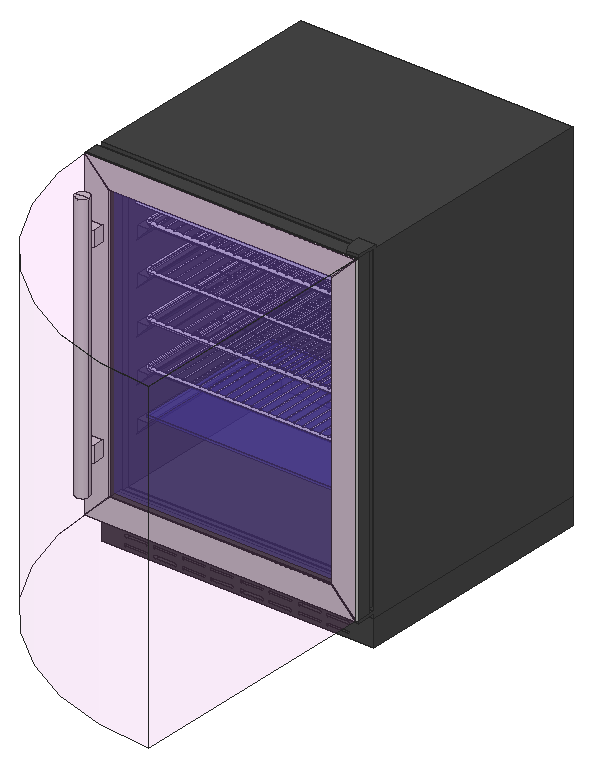
Revit family "QF_Summit_ALBV2466_Built_In_Compliant_Beverage_Center", category Specialty Equipment, Revit 2020 (continued)
Definition of nested family "ALBV2466"
  Automatic sketch dimensions
    Extrusion 130 sketch curve to Extrusion 2 = 1.04672"  (x3)
    Extrusion 130 sketch curve to Extrusion 130 sketch curve = 1 3/4"  (x8)
    Extrusion 130 sketch curve to Extrusion 130 sketch curve = 3/4"  (x4)
    Extrusion 130 sketch curve to Extrusion 130 sketch curve = 0.64328"  (x2)
    Extrusion 130 sketch curve to Extrusion 2 = 0.95328"  (x2)
    Extrusion 130 sketch curve to Extrusion 130 sketch curve = 0.85717"
    Extrusion 130 sketch curve to Extrusion 130 sketch curve = 0.70578"
    Extrusion 130 sketch curve to Extrusion 130 sketch curve = 13/16"
    Extrusion 130 sketch curve to Extrusion 2 = 0.32828"
    Extrusion 130 sketch curve to Extrusion 130 sketch curve = 11/16"  (x2)
    Extrusion 130 sketch curve to Extrusion 130 sketch curve = 1/8"  (x21)
    Extrusion 130 sketch curve to Extrusion 130 sketch curve = 1/2"  (x7)
    Extrusion 130 sketch curve to Extrusion 130 sketch curve = 1/4"  (x3)
    Revolve 131 sketch curve to plane 12 = 0"
    Revolve 131 sketch curve to level = 0"  (x2)
    plane 3 "LEFT" to Revolve 131 sketch curve = 1 3/4"
    Revolve 131 sketch curve to Revolve 131 sketch curve = 1/2"
    Revolve 131 sketch curve to Revolve 131 sketch curve = 0"
    Revolve 131 sketch curve to Revolve 131 sketch curve = 3/8"
    Revolve 132 sketch curve to plane 12 = 0"
    Revolve 132 sketch curve to level = 0"  (x2)
    Revolve 132 sketch curve to plane 4 "RIGHT" = 1 3/4"
    Revolve 132 sketch curve to Revolve 132 sketch curve = 1/2"
    Revolve 132 sketch curve to Revolve 132 sketch curve = 0"
    Revolve 132 sketch curve to Revolve 132 sketch curve = 3/8"
    Revolve 133 sketch curve to plane 12 = 0"
    Revolve 133 sketch curve to level = 0"  (x2)
    plane 3 "LEFT" to Revolve 133 sketch curve = 1 3/4"
    Revolve 133 sketch curve to Revolve 133 sketch curve = 1/2"
    Revolve 133 sketch curve to Revolve 133 sketch curve = 0"
    Revolve 133 sketch curve to Revolve 133 sketch curve = 3/8"
    Revolve 134 sketch curve to plane 12 = 0"
    Revolve 134 sketch curve to level = 0"  (x2)
    Revolve 134 sketch curve to plane 4 "RIGHT" = 1 3/4"
    Revolve 134 sketch curve to Revolve 134 sketch curve = 1/2"
    Revolve 134 sketch curve to Revolve 134 sketch curve = 0"
    Revolve 134 sketch curve to Revolve 134 sketch curve = 3/8"
    Extrusion 135 sketch curve to Extrusion 3 = 0"  (x3)
    Extrusion 3 to Extrusion 135 sketch curve = 0.00133"
    Extrusion 3 to Extrusion 135 sketch curve = 0.25011"
    plane 5 "FRONT" to Extrusion 136 sketch curve = 0"
    plane 4 "RIGHT" to Extrusion 136 sketch curve = 1.63579"
    Extrusion 136 sketch curve to Extrusion 136 sketch curve = 0.28244"
    plane 4 "RIGHT" to Extrusion 136 sketch curve = 0.60335"
    plane 4 "RIGHT" to Extrusion 136 sketch curve = 5/16"
    Extrusion 136 sketch curve to Extrusion 136 sketch curve = 0.93478"
    Extrusion 136 sketch curve to Extrusion 136 sketch curve = 0.94319"
    Extrusion 136 sketch curve to Extrusion 136 sketch curve = 0.29085"
    plane 5 "FRONT" to Extrusion 137 sketch curve = 0"
    plane 4 "RIGHT" to Extrusion 137 sketch curve = 1.63579"
    Extrusion 137 sketch curve to Extrusion 137 sketch curve = 0.28244"
    plane 4 "RIGHT" to Extrusion 137 sketch curve = 0.60335"
    plane 4 "RIGHT" to Extrusion 137 sketch curve = 5/16"
    Extrusion 137 sketch curve to Extrusion 137 sketch curve = 0.93478"
    Extrusion 137 sketch curve to Extrusion 137 sketch curve = 0.94319"
    Extrusion 137 sketch curve to Extrusion 137 sketch curve = 0.29085"
    plane 4 "RIGHT" to Revolve 138 sketch curve = 1.55042"
    Revolve 138 sketch curve to Revolve 138 sketch curve = 0.57207"
    plane 15 to Revolve 138 sketch curve = 0.57317"
    plane 14 to Revolve 138 sketch curve = 0.97761"
    Revolve 138 sketch curve to Revolve 138 sketch curve = 0"  (x2)
    Revolve 138 sketch curve to Revolve 138 sketch curve = 1"
    Extrusion 139 sketch curve to Extrusion 3 = 0"  (x2)
    Extrusion 3 to Extrusion 139 sketch curve = 0"
    Extrusion 3 to Extrusion 139 sketch curve = 0.00133"
    Extrusion 3 to Extrusion 139 sketch curve = 0.25011"
    curve 14 to curve 15 = 0"  (x2)
    curve 25 to curve 26 = 0"  (x2)
    curve 31 to plane 3 "LEFT" = 0"
    curve 32 to plane 3 "LEFT" = 0"
    curve 16 to plane 9 = 0"
    plane 5 "FRONT" to curve 10 = 0"
    curve 29 to plane 9 = 0"
    curve 20 to plane 4 "RIGHT" = 0"
    plane 1 "BACK" to curve 17 = 0"
    plane 9 to curve 30 = 0.03468"
    curve 30 to plane 3 "LEFT" = 1.59186"
    plane 3 "LEFT" to curve 27 = 0.00133"
    plane 3 "LEFT" to curve 11 = 5/16"
    curve 10 to curve 15 = 0.66585"
    curve 32 to plane 5 "FRONT" = 0.22854"
    curve 10 to curve 32 = 11/16"
    plane 9 to curve 31 = 0.21979"
    curve 14 to curve 13 = 0.65744"
    plane 3 "LEFT" to curve 20 = 3.03996"
    plane 4 "RIGHT" to curve 28 = 3.03996"
    plane 4 "RIGHT" to curve 24 = 1.63579"
    plane 9 to curve 3 = 0.21979"
    plane 4 "RIGHT" to curve 3 = 1.49465"
    curve 4 to plane 5 "FRONT" = 0.22854"
    curve 24 to curve 4 = 0.63579"
    curve 23 to curve 25 = 0.65744"
    plane 4 "RIGHT" to curve 22 = 5/16"
    plane 4 "RIGHT" to curve 19 = 0.00133"
    plane 9 to curve 2 = 0.03468"
    plane 5 "FRONT" to curve 21 = 0.93478"
    plane 5 "FRONT" to curve 10 = 0.93478"
    plane 5 "FRONT" to curve 13 = 0.94319"
    plane 5 "FRONT" to curve 24 = 0.94319"
    plane 10 to curve 14 = 0.57207"
    plane 10 to curve 26 = 0.57207"
    curve 20 to plane 10 = 8.43249"
    curve 28 to plane 10 = 8.43249"
    curve 19 to curve 29 = 3/4"
    curve 27 to curve 19 = 0.25011"
    plane 3 "LEFT" to curve 16 = 0.19667"
    plane 3 "LEFT" to curve 15 = 0.40628"
    curve 10 to curve 11 = 0.18431"
    curve 33 to plane 9 = 0.49989"
    plane 10 to curve 12 = 0.88091"
    curve 23 to curve 25 = 0.08537"
    plane 10 to curve 23 = 0.88091"
    curve 22 to curve 21 = 0.18431"
    curve 34 to curve 33 = 0.19667"
    curve 6 to curve 4 = 0.10354"
    curve 20 to curve 33 = 0"
    radius of Extrusion 18 sketch curve = 0.0431"
    radius of Extrusion 19 sketch curve = 0.0431"
    radius of Extrusion 20 sketch curve = 0.0431"
    radius of Extrusion 21 sketch curve = 0.0431"
    radius of Extrusion 22 sketch curve = 0.0431"
    radius of Extrusion 23 sketch curve = 0.0431"
    radius of Extrusion 24 sketch curve = 0.0431"
    radius of Extrusion 25 sketch curve = 0.0431"
    radius of Extrusion 26 sketch curve = 0.0431"
    radius of Extrusion 27 sketch curve = 0.0431"
    radius of Extrusion 28 sketch curve = 0.0431"
    radius of Extrusion 29 sketch curve = 0.0431"
    radius of Extrusion 30 sketch curve = 0.0431"
    radius of Extrusion 31 sketch curve = 0.0431"
    radius of Extrusion 32 sketch curve = 0.0431"
    radius of Extrusion 33 sketch curve = 0.0431"
    radius of Extrusion 34 sketch curve = 0.0431"
    radius of Extrusion 35 sketch curve = 0.0431"
    radius of Extrusion 36 sketch curve = 0.0431"
    radius of Extrusion 37 sketch curve = 0.0431"
    radius of Extrusion 38 sketch curve = 0.0431"
    radius of Extrusion 39 sketch curve = 0.0431"
    radius of Extrusion 40 sketch curve = 0.0431"
    radius of Extrusion 41 sketch curve = 0.0431"
    radius of Extrusion 42 sketch curve = 0.0431"
    radius of Extrusion 43 sketch curve = 0.0431"  (x2)
    radius of Extrusion 44 sketch curve = 0.0431"  (x2)
    radius of Extrusion 45 sketch curve = 0.0431"  (x2)
    radius of Extrusion 46 sketch curve = 0.0431"
    radius of Extrusion 47 sketch curve = 0.0431"
    radius of Extrusion 48 sketch curve = 0.0431"
    radius of Extrusion 49 sketch curve = 0.0431"
    radius of Extrusion 50 sketch curve = 0.0431"
    radius of Extrusion 51 sketch curve = 0.0431"
    radius of Extrusion 52 sketch curve = 0.0431"
    radius of Extrusion 53 sketch curve = 0.0431"
    radius of Extrusion 54 sketch curve = 0.0431"
    radius of Extrusion 55 sketch curve = 0.0431"
    radius of Extrusion 56 sketch curve = 0.0431"
    radius of Extrusion 57 sketch curve = 0.0431"
    radius of Extrusion 58 sketch curve = 0.0431"
    radius of Extrusion 59 sketch curve = 0.0431"
    radius of Extrusion 60 sketch curve = 0.0431"
    radius of Extrusion 61 sketch curve = 0.0431"
    radius of Extrusion 62 sketch curve = 0.0431"
    radius of Extrusion 63 sketch curve = 0.0431"
    radius of Extrusion 64 sketch curve = 0.0431"
    radius of Extrusion 65 sketch curve = 0.0431"
    radius of Extrusion 66 sketch curve = 0.0431"
    radius of Extrusion 67 sketch curve = 0.0431"
    radius of Extrusion 68 sketch curve = 0.0431"
    radius of Extrusion 69 sketch curve = 0.0431"
    radius of Extrusion 70 sketch curve = 0.0431"
    radius of Extrusion 71 sketch curve = 0.0431"
    radius of Extrusion 72 sketch curve = 0.0431"
    radius of Extrusion 73 sketch curve = 0.0431"
    radius of Extrusion 74 sketch curve = 0.0431"
    radius of Extrusion 75 sketch curve = 0.0431"
    radius of Extrusion 76 sketch curve = 0.0431"
    radius of Extrusion 77 sketch curve = 0.0431"
    radius of Extrusion 78 sketch curve = 0.0431"
    radius of Extrusion 79 sketch curve = 0.0431"
    radius of Extrusion 80 sketch curve = 0.0431"
    radius of Extrusion 81 sketch curve = 0.0431"
    radius of Extrusion 82 sketch curve = 0.0431"
    radius of Extrusion 83 sketch curve = 0.0431"
    radius of Extrusion 84 sketch curve = 0.0431"
    radius of Extrusion 85 sketch curve = 0.0431"
    radius of Extrusion 86 sketch curve = 0.0431"
    radius of Extrusion 87 sketch curve = 0.0431"
    radius of Extrusion 88 sketch curve = 0.0431"
    radius of Extrusion 89 sketch curve = 0.0431"
    radius of Extrusion 90 sketch curve = 0.0431"
    radius of Extrusion 91 sketch curve = 0.0431"
    radius of Extrusion 92 sketch curve = 0.0431"
    radius of Extrusion 93 sketch curve = 0.0431"
    radius of Extrusion 94 sketch curve = 0.0431"
    radius of Extrusion 95 sketch curve = 0.0431"
    radius of Extrusion 96 sketch curve = 0.0431"
    radius of Extrusion 97 sketch curve = 0.0431"
    radius of Extrusion 98 sketch curve = 0.0431"
    radius of Extrusion 99 sketch curve = 0.0431"
    radius of Extrusion 100 sketch curve = 0.0431"
    radius of Extrusion 101 sketch curve = 0.0431"
    radius of Extrusion 102 sketch curve = 0.0431"
    radius of Extrusion 103 sketch curve = 0.0431"
    radius of Extrusion 104 sketch curve = 0.0431"
    radius of Extrusion 105 sketch curve = 0.0431"
    radius of Extrusion 106 sketch curve = 0.0431"
    radius of Extrusion 107 sketch curve = 0.0431"
    radius of Extrusion 108 sketch curve = 0.0431"
    radius of Extrusion 109 sketch curve = 0.0431"
    radius of Extrusion 110 sketch curve = 0.0431"
    radius of Extrusion 111 sketch curve = 0.0431"
    radius of Extrusion 112 sketch curve = 0.0431"
    radius of Extrusion 113 sketch curve = 0.0431"
    radius of Extrusion 114 sketch curve = 0.0431"
    radius of Extrusion 115 sketch curve = 0.0431"
    radius of Extrusion 116 sketch curve = 0.0431"
    radius of Extrusion 117 sketch curve = 0.0431"
    radius of Extrusion 13 sketch curve = 2 1/4"
    radius of Extrusion 13 sketch curve = 2.10564"
    radius of Extrusion 13 sketch curve = 1.9309"
    radius of Extrusion 13 sketch curve = 1 3/4"
    radius of Extrusion 13 sketch curve = 1 1/2"
    radius of Extrusion 13 sketch curve = 1 1/4"
    radius of Extrusion 13 sketch curve = 3/4"
    radius of Extrusion 15 sketch curve = 0.33359"  (x4)
    radius of Sweep 17 sketch curve = 0.16208"  (x4)
    radius of Extrusion 118 sketch curve = 0.03254"  (x8)
    radius of Sweep 119 sketch curve = 0.07884"
    radius of Sweep 120 sketch curve = 0.07884"
    radius of Sweep 121 sketch curve = 0.07884"
    radius of Sweep 122 sketch curve = 0.07884"
    radius of Extrusion 129 sketch curve = 1/4"
